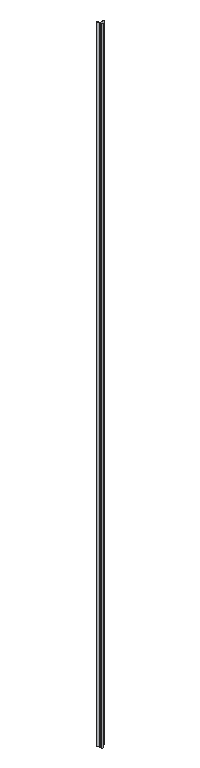
Revit family "Guide Rail", category Generic Models, Revit 2021
Family settings
  Can host rebar = No
  Round Connector Dimension = Use Diameter
  Part Type = Normal
  Work Plane-Based = No
  Always vertical = Yes
  Cut with Voids When Loaded = No
  Shared = No
  Room Calculation Point = No
Parameters
  Width = 45 mm
  Height = 5000 mm
  Depth = 45 mm
  Foot Depth = 5 mm
  Blade Width = 5 mm
  Default Elevation = 0 mm
Reference planes
  plane 1 "Center (Front/Back)": y = 0
  plane 2: z = 0
  plane 3 "Center (Left/Right)": x = 0
Forms (mm)
  Extrusion 1, solid
    sketch origin (0, 0, 0) x (1, 0, 0) y (0, 1, 0)
      loop
        line (2.5, 0) -> (2.5, 40) -> (-2.5, 40) -> (-2.5, 0) -> (-22.5, 0) -> (-22.5, -5) -> (22.5, -5) -> (22.5, 0) -> (2.5, 0)
    from 0 to 5000 <- "Height"
Dimensions and locks
  "Width": Extrusion 1 sketch curve to Extrusion 1 sketch curve
  equal spacing: Extrusion 1 sketch curve, plane 3 "Center (Left/Right)", Extrusion 1 sketch curve  (x3)
  "Foot Depth": Extrusion 1 sketch curve to plane 1 "Center (Front/Back)"
  "Depth": Extrusion 1 sketch curve to Extrusion 1 sketch curve
  "Blade Width": Extrusion 1 sketch curve to Extrusion 1 sketch curve
  aligned and locked: level to plane 2
Automatic sketch dimensions
  plane 1 "Center (Front/Back)" to Extrusion 1 sketch curve = 0 mm  (x2)
